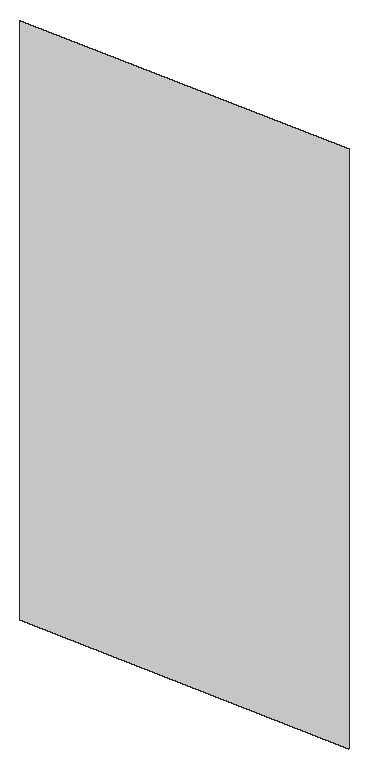
Revit family "PKNail Single Switch", category Electrical Fixtures, host Wall, Revit 2017
Family settings
  Host = Wall
  Maintain Annotation Orientation = No
  Round Connector Dimension = Use Diameter
  Part Type = Normal
  OmniClass Number = 23.80.50.11.14
  OmniClass Title = Switches
  Always vertical = Yes
  Cut with Voids When Loaded = No
  Shared = No
  Room Calculation Point = No
Parameters (values of type "Single Switch")
  Width = 0' - 2 3/4"
  PKNail Family Measure Location Centered = yes
  PKNail Family Instance Elevation [instance] = 3' - 9 3/4"
  PKNail Family Fixed Dimensions = "Width:Height"
  Height = 0' - 4 1/2"
  Material = Plastic - White
Reference planes (in)
  plane 1: y = 0
  plane 2 "Center (Left/Right)": x = 0
  plane 3 "Back": y = 3
  plane 4 "Left": x = -1.375
  plane 5 "Right": x = 1.375
  plane 6: z = 45.75
  plane 7: z = 50.25
  plane 8 "Center (Elevation)": z = 48
  plane 9: y = 3.1875
  plane 10: y = 3.25
  plane 11: z = 2.25
Forms (in)
  Blend 1, solid, material "Plastic - White" <- "Material"
    base sketch origin (0, 3, 0) x (1, 0, 0) y (0, 0, 1)
      loop
        line (1.375, 50.25) -> (-1.375, 50.25) -> (-1.375, 45.75) -> (1.375, 45.75) -> (1.375, 50.25)
    top sketch origin (0, 3, 0) x (1, 0, 0) y (0, 0, 1)
      loop
        line (1.1875, 50.0625) -> (-1.1875, 50.0625) -> (-1.1875, 45.9375) -> (1.1875, 45.9375) -> (1.1875, 50.0625)
    from 0 to -0.1875
Lines and regions (in)
  model lines, style "InvisibleLines"
    curve 1: line (0, 3, 45.75) -> (0, 3, 2.25)
Text (in)
  text "Placement Side" at (0, 40.15149, 123.01588), in view "Right"
  text "Placement Side" at (0, 47.49176, 140.59947), in view "Left"
Dimensions and locks (in)
  locked: plane 3 "Back" to host wall
  "Height": plane 6 to plane 7
  "Width": plane 5 "Right" to plane 4 "Left"
  equal spacing: plane 5 "Right", plane 2 "Center (Left/Right)", plane 4 "Left"
  equal spacing: plane 6, plane 8 "Center (Elevation)", plane 7
  locked: plane 3 "Back" to plane 9 at 0.1875
  locked: plane 9 to plane 10 at 0.0625
  "PKNail Family Instance Elevation": plane 11 to plane 8 "Center (Elevation)"
  aligned and locked: plane 6 to Blend 1 sketch curve
  aligned and locked: plane 5 "Right" to Blend 1 sketch curve
  aligned and locked: Blend 1 sketch curve to plane 7
  aligned and locked: plane 3 "Back" to nested 1
  aligned and locked: Blend 1 to curve 1
  aligned and locked: curve 1 to plane 2 "Center (Left/Right)"
Automatic sketch dimensions
  plane 4 "Left" to Blend 1 sketch curve = 0' - 0 3/16"
  Blend 1 sketch curve to plane 5 "Right" = 0' - 0 3/16"
  Blend 1 sketch curve to plane 6 = 0' - 0 3/16"
  plane 7 to Blend 1 sketch curve = 0' - 0 3/16"
  Blend 1 sketch curve to plane 4 "Left" = 0' - 0"
  curve 1 to plane 11 = 0' - 0"
Nested families (in)
  nested 1: "Switch Annotation" at (-0.0036, 3, 0), type "Switch Annotation"
Definition of nested family "Switch Annotation"
  Reference planes (in)
    plane 1: y = 0
    plane 2: x = 0
  Lines and regions (in)
    detail lines
      curve 1: arc (0.02706, 0.17188, 0) -> (-0.02706, 0.17188, 0) -> (0, 0.125, 0) r 0.03125
      curve 2: arc (-0.0333, 0.06641, 0) -> (0.03449, 0.06664, 0) -> (0, 0.125, 0) r 0.03906
      curve 3: line (0, 0.04689, 0) -> (0, 0.00873, 0)
